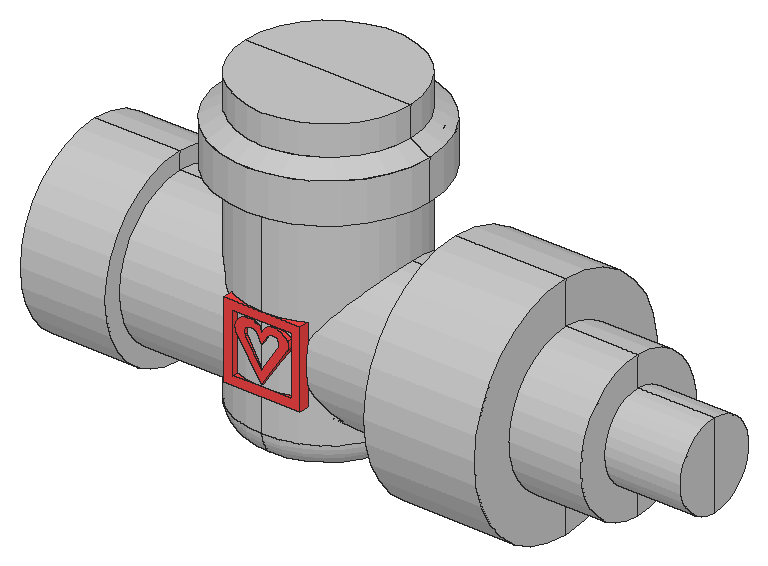
Revit family "Клапан для отключения радиатора HERZ-RL-5 с возможностью гидравлической настройки и слива, проходной 3923", category Rohrzubehör, Revit 2018
Family settings
  Bemaßung runder Anschluss = Durchmesser verwenden
  Teiletyp = Unterbricht
  OmniClass-Nummer = 23.65.55.14
  OmniClass-Titel = Valves for Liquid Services
  Arbeitsebenenbasiert = Nein
  Immer vertikal = Nein
  Beim Laden mit Abzugskörper schneiden = Nein
  Gemeinsam genutzt = Nein
Parameters
  Среда = "Качество воды в соответствии с ÖNORM H 5195 или директивой VDI 2035."
  Область применения = "Система водяного отопления. С помощью установки радиаторных запорных клапанов возможно осуществить перекрытие обратного потока нагревательных приборов. При одновременном перекрытии с клапаном на подающем трубопроводе возможен демонтаж радиатора в системе, которая находится под давлением. Промывку радиатора или ремонт помещения (оклеивание обоями, облицовку плиткой) можно проводить, не прерывая работу системы. С помощью клапана для отключения радиатора HERZ-RL-5 можно настроить расход воды, протекающей через радиатор, в соответствии с требуемой мощностью. Установка данного клапана особенно рекомендуется при монтаже термостатических клапанов без преднастройки, что способствует экономному расходу воды и поддержанию устойчивой работы системы.  При помощи клапана HERZ-RL-5 можно заполнить или опорожнить радиаторы или систему."
  Номер заказа [instance] = size_lookup("3923_5_", "Artnr", 0, Nennweite)  # 1392300
  Макс. рабочее давление = 1000000.0 Pa  # constant formula
  Макс. рабочая температура = 120 °C  # constant formula
  Корпус = "Никелированная латунь"  # constant formula
  Исполнение = "Все модели поставляются в никелированном исполнении, это универсальные модели со специальной муфтой для резьбовой трубы и компрессионных фитингов."
  W02 [instance] = 70.00°  # constant formula
  W01 = 120.00°  # constant formula
  URL = "www.herz-armaturen.ru"
  SCRNSEQ = "ARM;ARM_TYP=\"ALLF\";2"
  SCRNCODE = "05;01;02"  # constant formula
  S04 = 45.000 mm  # constant formula
  S03 = 61.000 mm  # constant formula
  S02 [instance] = L05 + L06 + L07  # 45.500 mm
  S01 = 10.000 mm  # constant formula
  R05 = 9.750 mm  # constant formula
  R04 = 12.000 mm  # constant formula
  R02 = 9.750 mm  # constant formula
  R01 = 11.000 mm  # constant formula
  Nennweite [instance] = 10.000 mm
  L07 [instance] = size_lookup("3923_5_", "L7", 1.000 mm, Nennweite)  # 17.500 mm
  L06 [instance] = size_lookup("3923_5_", "L6", 1.000 mm, Nennweite)  # 13.000 mm
  L05 [instance] = L02 - L04  # 15.000 mm
  L04 [instance] = size_lookup("3923_5_", "L4", 1.000 mm, Nennweite)  # 7.500 mm
  L03 [instance] = size_lookup("3923_5_", "L3", 1.000 mm, Nennweite)  # 10.000 mm
  L02 [instance] = size_lookup("3923_5_", "L2", 1.000 mm, Nennweite)  # 22.500 mm
  L01 [instance] = size_lookup("3923_5_", "L1", 1.000 mm, Nennweite)  # 27.500 mm
  Hersteller = "HERZ Armaturen Ges.m.b.H"  # constant formula
  H06 = 3.500 mm  # constant formula
  H05 = 9.500 mm  # constant formula
  H04 [instance] = H02 - H03  # 16.000 mm
  H03 = 5.000 mm  # constant formula
  H02 [instance] = 21.000 mm  # constant formula
  H01 [instance] = size_lookup("3923_5_", "H1", 1.000 mm, Nennweite)  # 14.000 mm
  GTI [instance] = size_lookup("3923_5_", "GT1", 1.000 mm, Nennweite)  # 9.000 mm
  GT [instance] = size_lookup("3923_5_", "GT", 1.000 mm, Nennweite)  # 9.500 mm
  G2 [instance] = Nennweite / 2  # 5.000 mm
  G1 [instance] = Nennweite / 2  # 5.000 mm
  D05 [instance] = size_lookup("3923_5_", "D5", 1.000 mm, Nennweite)  # 8.500 mm
  D04 [instance] = size_lookup("3923_5_", "D4", 1.000 mm, Nennweite)  # 13.500 mm
  D03 [instance] = size_lookup("3923_5_", "D3", 1.000 mm, Nennweite)  # 7.940 mm
  D02 [instance] = size_lookup("3923_5_", "D2", 1.000 mm, Nennweite)  # 9.000 mm
  D01 [instance] = size_lookup("3923_5_", "D1", 1.000 mm, Nennweite)  # 11.000 mm
Reference planes
  plane 1 "Mitte (Vorne/hinten)": y = 0
  plane 2: z = 0
  plane 3 "Mitte (Links/rechts)": x = 0
Forms (mm)
  Revolve 1, solid, material "Messing, vernickelt", detail levels fine
    sketch origin (0, 0, 0) x (1, 0, 0) y (0, 0, 1)
      loop
        line (-18, 0) -> (22.5, 0) -> (22.5, 7.94) -> (15, 7.94) -> (15, 9) -> (-17.5, 9) -> (-17.5, 11) -> (-27.5, 11) -> (-27.5, 5) -> (-18, 5) -> (-18, 0)
      axis (-27.5, 0) -> (22.5, 0)
    angle from 0 to 360
  Revolve 2, solid, material "Messing, vernickelt", detail levels fine
    sketch origin (0, 0, 0) x (0, 1, 0) y (0, 0, 1)
      loop
        line (0, 21) -> (-11, 21) -> (-11, 16) -> (-9.75, 16) -> (-9.75, -8.456)
        arc (-9.75, -8.456) -> (-9.408, -9.847) -> (-8.46, -10.921) r 3
        line (-8.46, -10.921) -> (0, -14) -> (0, 21)
      axis (0, -14) -> (0, 21)
    angle from 0 to 360
  Revolve 3, solid, material "Messing, vernickelt", detail levels fine
    sketch origin (0, 0, 0) x (1, 0, 0) y (0, 0, 1)
      loop
        line (22.5, 0) -> (45.5, 0) -> (45.5, 5) -> (36.5, 5) -> (36.5, 8.5) -> (28, 8.5) -> (28, 13.5) -> (15, 13.5) -> (15, 7.94) -> (22.5, 7.94) -> (22.5, 0)
      axis (15, 0) -> (45.5, 0)
    angle from 0 to 360
  Revolve 4, solid, material "Messing, vernickelt", detail levels fine
    sketch origin (0, 0, 9) x (1, 0, 0) y (0, 0, 1)
      loop
        line (0, 7) -> (12, 7) -> (12, 11.701) -> (9.75, 13) -> (9.75, 16.5) -> (0, 16.5) -> (0, 7)
      axis (0, 16.5) -> (0, 7)
    angle from 0 to 360
Lines and regions (mm)
  model lines, detail levels coarse+medium
    curve 1: line (-27.5, 0, 11) -> (-27.5, 0, -11)
    curve 2: line (-27.5, 0, -11) -> (27.5, 0, 11)
    curve 3: line (27.5, 0, 11) -> (27.5, 0, -11)
    curve 4: line (27.5, 0, -11) -> (-27.5, 0, 11)
    curve 5: line (27.5, 0, 11) -> (37.5, 0, 11)
    curve 6: line (37.5, 0, 11) -> (27.5, 0, 0)
    curve 7: line (27.5, 0, -11) -> (37.5, 0, -11)
    curve 8: line (37.5, 0, -11) -> (27.5, 0, 0)
    curve 9: line (27.5, 0, 0) -> (45.5, 0, 0)
    curve 10: line (-27.5, 11, 0) -> (-27.5, -11, 0)
    curve 11: line (-27.5, -11, 0) -> (27.5, 11, 0)
    curve 12: line (27.5, 11, 0) -> (27.5, -11, 0)
    curve 13: line (27.5, -11, 0) -> (-27.5, 11, 0)
    curve 14: line (27.5, 11, 0) -> (37.5, 11, 0)
    curve 15: line (37.5, 11, 0) -> (27.5, 0, 0)
    curve 16: line (27.5, -11, 0) -> (37.5, -11, 0)
    curve 17: line (37.5, -11, 0) -> (27.5, 0, 0)
Dimensions and locks
  "L01": Revolve 1 sketch curve to plane 3 "Mitte (Links/rechts)"
  "L02": Revolve 1 sketch curve to plane 3 "Mitte (Links/rechts)"
  "G1": Revolve 1 sketch curve to plane 2
  "GT": Revolve 1 sketch curve to Revolve 1 sketch curve
  "D01": Revolve 1 sketch curve to Revolve 1 sketch curve
  "D02": Revolve 1 sketch curve to Revolve 1 sketch curve
  "D03": Revolve 1 sketch curve to Revolve 1 sketch curve
  "L03": Revolve 1 sketch curve to Revolve 1 sketch curve
  "L04": Revolve 1 sketch curve to Revolve 1 sketch curve
  "H02": Revolve 2 sketch curve to plane 2
  "R01": Revolve 2 sketch curve to plane 1 "Mitte (Vorne/hinten)"
  "D03": Revolve 3 sketch curve to plane 2
  "L04": Revolve 3 sketch curve to Revolve 3 sketch curve
  "L05": Revolve 3 sketch curve to plane 3 "Mitte (Links/rechts)"
  "L06": Revolve 3 sketch curve to Revolve 3 sketch curve
  "L07": Revolve 3 sketch curve to Revolve 3 sketch curve
  "D04": Revolve 3 sketch curve to Revolve 3 sketch curve
  "G2": Revolve 3 sketch curve to Revolve 3 sketch curve
  "D05": Revolve 3 sketch curve to Revolve 3 sketch curve
  "GTI": Revolve 3 sketch curve to Revolve 3 sketch curve
  "D01": curve 4 to plane 2 to curve 2
  "D01": curve 3 to plane 2 to curve 4
  "L01": curve 1 to plane 3 "Mitte (Links/rechts)" to curve 3
  "S01": curve 3 to curve 6
  "S02": curve 9 to plane 3 "Mitte (Links/rechts)"
  "L01": curve 10 to plane 3 "Mitte (Links/rechts)" to curve 12
  "D01": curve 11 to plane 1 "Mitte (Vorne/hinten)" to curve 13
  "D01": curve 13 to plane 1 "Mitte (Vorne/hinten)" to curve 12
  "S01": curve 12 to curve 15
  "S01": curve 12 to curve 17
  "H03": Revolve 2 sketch curve to Revolve 2 sketch curve
  "R02": Revolve 2 sketch curve to Revolve 2 sketch curve
  "H05": Revolve 4 sketch curve to Revolve 4 sketch curve
  "R05": Revolve 4 sketch curve to Revolve 4 sketch curve
  "R04": Revolve 4 sketch curve to Revolve 4 sketch curve
  "H06": Revolve 4 sketch curve to Revolve 4 sketch curve
  "H04": Revolve 4 sketch curve to plane 2
  "D02": nested 1 to plane 1 "Mitte (Vorne/hinten)"
  "H01": plane 2 to Revolve 2 sketch curve
  "W01": angle Revolve 4 sketch curve to Revolve 4 sketch curve
  "W02": angle Revolve 2 sketch curve to Revolve 2 sketch curve
  aligned and locked: level to plane 2
Automatic sketch dimensions
  curve 9 to level = 0.000 mm
  curve 3 to curve 8 = 10.000 mm
  plane 1 "Mitte (Vorne/hinten)" to curve 17 = 0.000 mm
  Revolve 1 sketch curve to level = 0.000 mm  (x2)
  Revolve 1 sketch curve to Revolve 1 sketch curve = 1436.530 mm
  Revolve 1 sketch curve to Revolve 1 sketch curve = 1779.148 mm
  Revolve 2 sketch curve to plane 1 "Mitte (Vorne/hinten)" = 0.000 mm  (x2)
  Revolve 2 sketch curve to Revolve 2 sketch curve = 1.290 mm
  Revolve 2 sketch curve to Revolve 2 sketch curve = 1.710 mm
  Revolve 2 sketch curve to Revolve 2 sketch curve = 98.333 mm
  Revolve 2 sketch curve to Revolve 2 sketch curve = 1236.335 mm
  Revolve 3 sketch curve to level = 0.000 mm  (x2)
  Revolve 3 sketch curve to plane 3 "Mitte (Links/rechts)" = 1506.530 mm
  Revolve 3 sketch curve to Revolve 3 sketch curve = 1789.648 mm
  Revolve 4 sketch curve to plane 3 "Mitte (Links/rechts)" = 0.000 mm  (x2)
  Revolve 4 sketch curve to level = 357.045 mm
  Revolve 4 sketch curve to Revolve 4 sketch curve = 2188.615 mm
Nested families
  nested 1: "Herz-Logo-vorne" at (0, -9, 0) x (0, 1, 0) z (0, 0, 1), type "Herz-Logo-vorne", detail levels fine
Connectors
  piping at (-18, 0, 0), diameter 10, driven by "Nennweite"
    settings: on Revolve 1, index 1, connector inside diameter 609.6 mm, connector length 0.000 mm, flow factor 0, pipe flow 0.0 L/s, pressure drop 0.0 Pa, fitting loss kfactor 0, connector angle 0.00°, fixture units 0, engagement length 0.000 mm, angle of deflection 0.00°, flow configuration 0, flow direction 1, fitting loss method 0, system type 8, joint type 0, gender type 0, connector reference index -1, connector utility 0, adjustable connector no, is connector primary yes, connector description ""
  piping at (45.5, 0, 0), diameter 10, driven by "Nennweite"
    settings: on Revolve 3, index 2, connector inside diameter 609.6 mm, connector length 0.000 mm, flow factor 0, pipe flow 0.0 L/s, pressure drop 0.0 Pa, fitting loss kfactor 0, connector angle 0.00°, fixture units 0, engagement length 0.000 mm, angle of deflection 0.00°, flow configuration 0, flow direction 2, fitting loss method 0, system type 8, joint type 0, gender type 0, connector reference index -1, connector utility 0, adjustable connector no, is connector primary no, connector description ""
Definition of nested family "Herz-Logo-vorne"
  Reference planes
    plane 1 "Mitte (Vorne/hinten)": y = 0
    plane 2: z = 0
    plane 3 "Mitte (Links/rechts)": x = 0
  Forms (mm)
    Extrusion 1, solid
      sketch origin (0.732, -0.018, 0.017) x (0, -1, 0) y (0, 0, 1)
        loop
          line (-0.018, -4.517) -> (4.482, -4.517) -> (4.482, 4.483) -> (-4.518, 4.483) -> (-4.518, -4.517) -> (-0.018, -4.517)
        loop
          line (-0.05, -3.48) -> (3.482, -3.48) -> (3.482, 3.483) -> (-3.518, 3.483) -> (-3.518, -3.48) -> (-0.05, -3.48)
        loop
          arc (-0.018, 2.383) -> (-1.543, 3.287) -> (-3.067, 2.383) r 1.738
          arc (-3.067, 2.383) -> (-3.191, 1.899) -> (-3.067, 1.415) r 1.009
          line (-3.067, 1.415) -> (-0.018, -3.281) -> (3.032, 1.415)
          arc (3.032, 1.415) -> (3.156, 1.899) -> (3.032, 2.383) r 1.009
          arc (3.032, 2.383) -> (1.507, 3.287) -> (-0.018, 2.383) r 1.738
        loop
          arc (1.885, 1.272) -> (2.005, 1.675) -> (1.885, 2.079) r 0.74
          arc (1.885, 2.079) -> (1.265, 2.416) -> (0.644, 2.079) r 0.74
          line (0.644, 2.079) -> (-0.018, 0.97) -> (-0.679, 2.079)
          arc (-0.679, 2.079) -> (-1.3, 2.416) -> (-1.921, 2.079) r 0.74
          arc (-1.921, 2.079) -> (-2.04, 1.675) -> (-1.921, 1.272) r 0.74
          line (-1.921, 1.272) -> (-0.018, -1.658) -> (1.885, 1.272)
      from 0 to 1.5
  Dimensions and locks
    aligned and locked: level to plane 2
